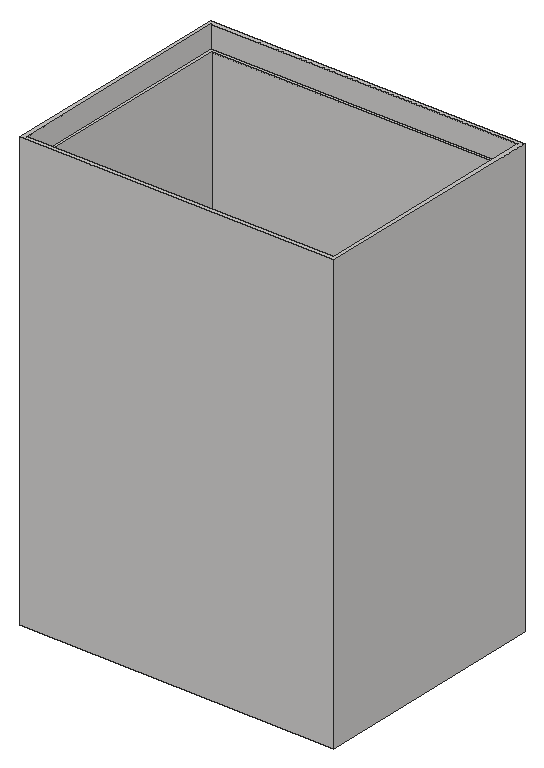
Revit family
Parameters (values of type "B-275")
  URL = "http://www.bobrick.com"
  Revised Date = "23/08/2013"
  Product URL = "http://www.bobrick.com/washroomaccessories/Pages/ProductDetails.aspx?Product+Number%3DB-275"
  Phone # = "416-250-5656"
  Model = "B-275"
  Material = Stainless Steel
  Manufacturer = "Bobrick"
  Designed By = "ATS BIM Team"
  Description = "Surface Mounted Waste Receptacle"
  Default Elevation = 0' - 0"
Reference planes (in)
  plane 1 "Center (Front/Back)": y = 0
  plane 2: z = 0
  plane 3 "Center (Left/Right)": x = 0
  plane 4: x = -8.25
  plane 5: x = 8.25
  plane 6: z = 23
  plane 7: y = -12.5
Forms (in)
  Extrusion 1, solid, material "Stainless Steel" <- "Material"
    sketch origin (0, 0, 0) x (1, 0, 0) y (0, 1, 0)
      loop
        line (-8.25, 0) -> (-8.25, -12.5) -> (8.25, -12.5) -> (8.25, 0) -> (-8.25, 0)
      loop
        line (-7.875, -12.125) -> (7.875, -12.125) -> (7.875, -0.375) -> (-7.875, -0.375) -> (-7.875, -12.125)
    from 0 to 23
  Extrusion 2, void
    sketch origin (0, 0, 0) x (1, 0, 0) y (0, 1, 0)
      loop
        line (-7.875, -0.375) -> (-7.875, -12.125) -> (7.875, -12.125) -> (7.875, -0.375) -> (-7.875, -0.375)
      loop
        line (-8.0625, -0.1875) -> (-8.0625, -12.3125) -> (8.0625, -12.3125) -> (8.0625, -0.1875) -> (-8.0625, -0.1875)
    from 21.81616 to 23
  Extrusion 3, solid, material "Stainless Steel" <- "Material"
    sketch origin (0, 0, 0) x (1, 0, 0) y (0, 1, 0)
      loop
        line (-7.875, -0.375) -> (-7.875, -12.125) -> (7.875, -12.125) -> (7.875, -0.375) -> (-7.875, -0.375)
    from 0 to 0.375
Cuts and joins
  Extrusion 2 cuts Extrusion 1
  joined: Extrusion 1, Extrusion 3
